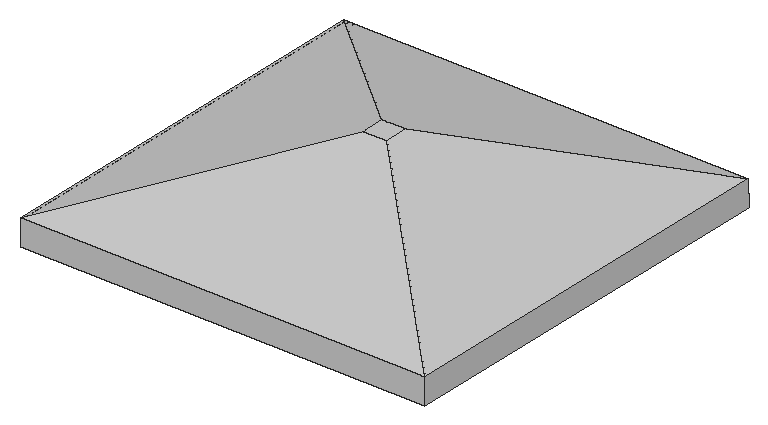
Revit family "Поддон для  VKR", category Оборудование, Revit 2017
Family settings
  Размер круглого соединителя = Использовать диаметр
  Тип детали = Нормальный
  На основе рабочей плоскости = Нет
  Всегда вертикально = Да
  При загрузке вырезать с полостями = Нет
  Общий = Нет
  Точка расчета площади = Нет
Parameters (values of type "Поддон для SMK-031")
  ширина = 465 mm
  толщина изделия = 3 mm
  материал на выбор = Сталь нержавеющая
  материал = Сталь оцинкованная
  длина = 465 mm
  высота ободка = 30 mm
  высота лепестка = высота - высота ободка  # 70 mm
  высота = 100 mm
  k = высота лепестка - 3 mm  # 67 mm
  b = 28 mm
  a = 28 mm
  Nevatom_URL = "https://t.me/NEVATOM_Bim_bot"
  ADSK_Примечание = ""
  ADSK_Позиция = ""
  ADSK_Наименование = "Поддон для SMK-031"
  ADSK_Марка = "SMK-031"
  ADSK_Код изделия = ""
  ADSK_Завод-изготовитель = "NEVATOM"
  ADSK_Единица измерения = "шт."
  ADSK_URL документации изделия = ""
Types (8, lengths in mm): name | ширина | длина | высота лепестка | высота | k | b | a | ADSK_Наименование | ADSK_Марка
  (no name) | 465 | 465 | 70 | 100 | 67 | 28 | 28 | "Поддон для SMK-031" | "SMK-031"
  Поддон для SMK-040 | 465 | 465 | 70 | 100 | 67 | 28 | 28 | "Поддон для SMK-040" | "SMK-040"
  Поддон для SMK-063 | 890 | 890 | 120 | 150 | 117 | 49 | 49 | "Поддон VKR.PDK.063.01.001" | "SMK-063"
  Поддон для SMK-031 | 465 | 465 | 70 | 100 | 67 | 28 | 28 | "Поддон для SMK-031" | "SMK-031"
  Поддон для SMK-050 | 891 | 891 | 120 | 150 | 117 | 49 | 49 | "Поддон для SMK-050" | "SMK-050"
  Поддон для SMK-100 | 1471 | 1471 | 170 | 200 | 167 | 50 | 50 | "Поддон для SMK-100" | "SMK-100"
  Поддон для SMK-125 | 1471 | 1471 | 270 | 300 | 267 | 50 | 50 | "Поддон для SMK-125" | "SMK-125"
  Поддон для SMK-080 | 967 | 967 | 120 | 150 | 117 | 49 | 49 | "Поддон для SMK-080" | "SMK-080"
Reference planes
  plane 1 "По центру (Вперед/Назад)": y = 0
  plane 2: z = 0
  plane 3 "По центру (Влево/Вправо)": x = 0
  plane 4: y = 232.5
  plane 5: x = 232.5
  plane 6: y = -232.5
  plane 7: x = -232.5
  plane 8: z = 30
  plane 9: z = 100
  plane 10: x = -14
  plane 11: x = 14
  plane 12: y = -14
  plane 13: y = 14
  plane 14: z = 97
Forms (mm)
  Extrusion 1, solid, material "Сталь оцинкованная" <- "материал"
    sketch origin (0, 0, 0) x (1, 0, 0) y (0, 1, 0)
      loop
        line (-232.5, 232.5) -> (-232.5, -232.5) -> (232.5, -232.5) -> (232.5, 232.5) -> (-232.5, 232.5)
      loop
        line (-229.5, 229.5) -> (-229.5, -229.5) -> (229.5, -229.5) -> (229.5, 229.5) -> (-229.5, 229.5)
    from 0 to 30
  Blend 2, solid, material "Сталь оцинкованная" <- "материал"
    base sketch origin (0, 0, 0) x (1, 0, 0) y (0, 1, 0)
      loop
        line (-232.5, 232.5) -> (-232.5, -232.5) -> (232.5, -232.5) -> (232.5, 232.5) -> (-232.5, 232.5)
    top sketch origin (0, 0, 0) x (1, 0, 0) y (0, 1, 0)
      loop
        line (-14, 14) -> (-14, -14) -> (14, -14) -> (14, 14) -> (-14, 14)
    from 30 to 100
  Blend 3, void
    base sketch origin (0, 0, 0) x (1, 0, 0) y (0, 1, 0)
      loop
        line (-229.5, 229.5) -> (-229.5, -229.5) -> (229.5, -229.5) -> (229.5, 229.5) -> (-229.5, 229.5)
    top sketch origin (0, 0, 0) x (1, 0, 0) y (0, 1, 0)
      loop
        line (-11, 11) -> (-11, -11) -> (11, -11) -> (11, 11) -> (-11, 11)
    from 30 to 97
Cuts and joins
  Blend 3 cuts Blend 2
  joined: Extrusion 1, Blend 2
Dimensions and locks
  equal spacing: plane 7, plane 3 "По центру (Влево/Вправо)", plane 5
  equal spacing: plane 4, plane 1 "По центру (Вперед/Назад)", plane 6
  "длина": plane 4 to plane 6
  "ширина": plane 7 to plane 5
  "высота ободка": plane 8 to level
  "высота лепестка": plane 9 to plane 8
  "толщина изделия": Extrusion 1 sketch curve to Extrusion 1 sketch curve  (x4)
  equal spacing: plane 10, plane 3 "По центру (Влево/Вправо)", plane 11
  equal spacing: plane 13, plane 1 "По центру (Вперед/Назад)", plane 12
  "b": plane 12 to plane 13
  "a": plane 10 to plane 11
  "толщина изделия": Blend 3 sketch curve to plane 11
  "толщина изделия": Blend 3 sketch curve to plane 13
  "толщина изделия": plane 10 to Blend 3 sketch curve
  "толщина изделия": Blend 3 sketch curve to plane 12
  "k": plane 14 to plane 8
  aligned and locked: level to plane 2
  aligned and locked: Extrusion 1 sketch curve to plane 4
  aligned and locked: Extrusion 1 sketch curve to plane 5
  aligned and locked: plane 6 to Extrusion 1 sketch curve
  aligned and locked: plane 7 to Extrusion 1 sketch curve
  aligned and locked: Extrusion 1 to plane 8
  aligned and locked: Extrusion 1 to level
  aligned and locked: Blend 2 sketch curve to Extrusion 1  (x4)
  aligned and locked: plane 10 to Blend 2 sketch curve
  aligned and locked: Blend 2 sketch curve to plane 12
  aligned and locked: Blend 2 sketch curve to plane 11
  aligned and locked: Blend 2 sketch curve to plane 13
  aligned and locked: Blend 2 to plane 9
  aligned and locked: plane 8 to Blend 2
  aligned and locked: plane 8 to Blend 3
  aligned and locked: cut or joined group of Extrusion 1, Blend 2, Blend 3 to plane 14
  aligned and locked: plane 14 to cut or joined group of Extrusion 1, Blend 2, Blend 3
  aligned and locked: cut or joined group of Extrusion 1, Blend 2, Blend 3 to plane 9
Automatic sketch dimensions
  plane 7 to Blend 3 sketch curve = 3 mm
  Blend 3 sketch curve to plane 5 = 3 mm
  plane 6 to Blend 3 sketch curve = 3 mm
  Blend 3 sketch curve to plane 4 = 3 mm
